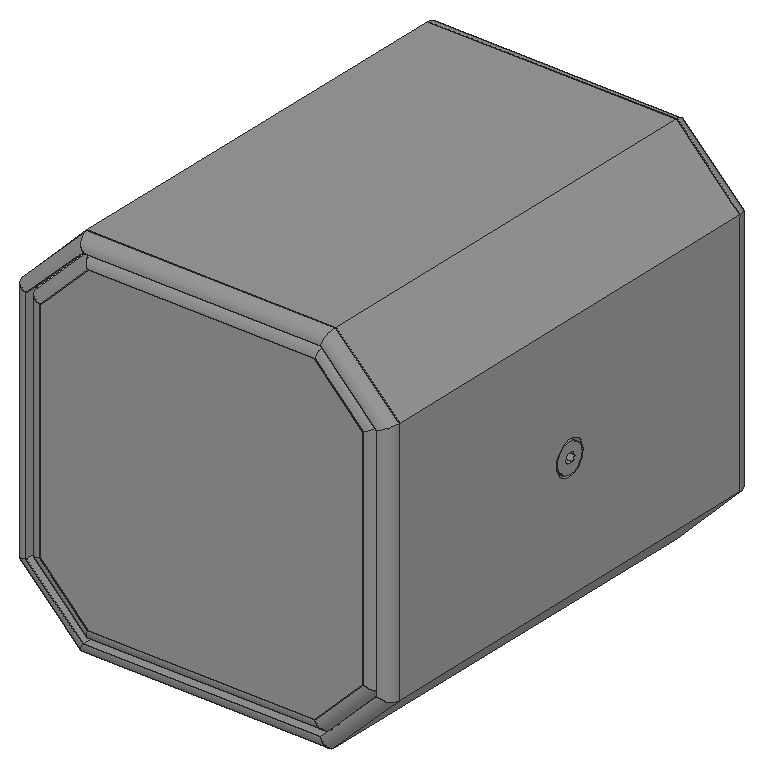
Revit family "1 SOUND_Cannon Series Freestanding", category Communication Devices, Revit 2020
Family settings
  Maintain Annotation Orientation = No
  Round Connector Dimension = Use Diameter
  Part Type = Normal
  Work Plane-Based = Yes
  Always vertical = No
  Cut with Voids When Loaded = No
  Shared = No
  Room Calculation Point = No
Parameters (values of type "C4i")
  Weight = "5.1 lb / 2.3 kg"
  URL = "https://www.1-sound.com/cannon-coaxials"
  Speaker Model = 1 SOUND_Cannon_C4i : C4i
  Speaker Mesh Finish [instance] = 1 Sound - Speaker Mesh_Fabric_Black
  Speaker Box Finish [instance] = 1 Sound - Speaker Box_Black
  Rigging = "(4) M6 points"  # constant formula
  Power = "200 watts (continuous), 100 watts (AES)"
  Model = "C4i"
  Manufacturer = "1 SOUND"  # constant formula
  Impedance = "8Ω"
  Dimensions (HxWxD) = "5.9” (150 mm) x 5.9” (150 mm) x 7” (180 mm)"
  Default Elevation = 2438.4 mm  # constant formula
  Construction = "Finland birch plywood (phenolic glue), polyurea, clear matte salt and UV resistant coating, 316 stainless steel hardware, 3D spacer mesh fabric"  # constant formula
  Connectors = "(1) screw terminal block with input +/- and loop +/-"
  Category = "Speaker"  # constant formula
  Bandwidth = "100 Hz - 18 kHz (-6 dB)"
Types (5, lengths in mm): name | Weight | Speaker Model | Power | Model | Impedance | Dimensions (HxWxD) | Connectors | Bandwidth
  C4i | "5.1 lb / 2.3 kg" | 1 SOUND_Cannon_C4i : C4i | "200 watts (continuous), 100 watts (AES)" | "C4i" | "8Ω" | "5.9” (150 mm) x 5.9” (150 mm) x 7” (180 mm)" | "(1) screw terminal block with input +/- and loop +/-" | "100 Hz - 18 kHz (-6 dB)"
  C5i | "9.4 lb / 4.3 kg" | 1 SOUND_Cannon_C5 : C5i | "240 watts (continuous), 120 watts (AES)" | "C5i" | "16Ω" | "7.5” (190 mm) x 7.5” (190 mm) x 8.2” (208 mm)" | "(1) screw terminal block with input +/- and loop +/-" | "65 Hz - 18 kHz (-6 dB)"
  C5 | "9.4 lb / 4.3 kg" | 1 SOUND_Cannon_C5 : C5 | "240 watts (continuous), 120 watts (AES)" | "C5" | "16Ω" | "7.5” (190 mm) x 7.5” (190 mm) x 8.2” (208 mm)" | "(2) NL4, 2-circuit switch" | "65 Hz - 18 kHz (-6 dB)"
  C6i | "10.6 lb / 4.8 kg" | 1 SOUND_Cannon_C6 : C6i | "240 watts (continuous), 120 watts (AES)" | "C6i" | "16Ω" | "8.5” (216 mm) x 8.5” (216 mm) x 8.2” (208 mm)" | "(1) screw terminal block with input +/- and loop +/-" | "60 Hz - 18 kHz (-6 dB)"
  C6 | "10.6 lb / 4.8 kg" | 1 SOUND_Cannon_C6 : C6 | "240 watts (continuous), 120 watts (AES)" | "C6" | "16Ω" | "8.5” (216 mm) x 8.5” (216 mm) x 8.2” (208 mm)" | "(2) NL4, 2-circuit switch" | "60 Hz - 18 kHz (-6 dB)"
Reference planes
  plane 1 "Center (Front/Back)": y = 0
  plane 2: z = 0
  plane 3 "Center (Left/Right)": x = -8.925
Dimensions and locks
  aligned and locked: plane 2 to level
  aligned and locked: nested 1 to plane 1 "Center (Front/Back)"
Nested families
  nested 1: "1 SOUND_Cannon_C4i" at (0, -90, 0), type <- "Speaker Model", Speaker Box Finish <- "Speaker Box Finish", Speaker Mesh Finish <- "Speaker Mesh Finish", type "C4i"
    with Speaker Mesh Finish 1 Sound - Speaker Mesh_Fabric_Black, Speaker Box Finish 1 Sound - Speaker Box_Black, Origin Plane 75 mm, Origin Is Centered no
  nested 2: "1 SOUND_Cannon_C-Clamp Screw" at (66.075, 8.925, 75) x (0, 1, 0) z (0, 0, 1), type "C-Clamp Screw"
  nested 3: "1 SOUND_Cannon_C-Clamp Screw" at (-83.925, 8.925, 75) x (0, 1, 0) z (0, 0, 1), type "C-Clamp Screw"
Definition of nested family "1 SOUND_Cannon_C4i"
  Parameters (values of type "Cannon C4i")
    Width - Rear Grille = 120 mm
    Width - Overall = 150 mm
    Weight = "5.1 lb / 2.3 kg"
    URL = "https://www.1-sound.com/cannon-coaxials"
    Speaker Mesh Finish [instance] = none
    Speaker Box Finish [instance] = none
    Rigging = "(4) M6 points"  # constant formula
    Power = "200 watts (continuous), 100 watts (AES)"
    Origin Plane [instance] = if(Origin Is Centered, 0 mm, (Height Overall / 2))  # 75 mm
    Origin Is Centered [instance] = no
    Model = "C4i"
    Manufacturer = "1 Sound"  # constant formula
    Impedance = "8Ω"
    Height Overall = 150 mm
    Dimensions (HxWxD) = "5.9” (150 mm) x 5.9” (150 mm) x 7” (180 mm)"
    Depth - Overall = 180 mm
    Default Elevation = 1219.2 mm
    Construction = "Finland birch plywood (phenolic glue), polyurea, clear matte salt and UV resistant coating, 316 stainless steel hardware, 3D spacer mesh fabric"  # constant formula
    Connectors = "(1) screw terminal block with input +/- and loop +/-"
    Bandwidth = "100 Hz - 18 kHz (-6 dB)"
  Reference planes
    plane 1 "Center (Front/Back)": y = 0
    plane 2: z = 0
    plane 3 "Center (Left/Right)": x = -8.925
    plane 4 "Speaker Depth": y = 180
    plane 5: z = 150
    plane 6: x = 66.075
    plane 7: x = -83.925
    plane 8: z = 75
    plane 9: y = 90
    plane 10: x = -46.673
    plane 11: through (66.075, 0, 25.428) normal (-0.7071, 0, 0.7071)
    plane 12: through (-83.925, 0, 25.428) normal (-0.7071, 0, -0.7071)
    plane 13: through (66.075, 0, 124.572) normal (0.7071, 0, 0.7071)
    plane 14: through (-83.925, 0, 124.572) normal (0.7071, 0, -0.7071)
    plane 15: z = 0
  Forms (mm)
    Sweep 1, solid, material <- "Speaker Box Finish"
      path origin (0, 0, 107) x (1, 0, 0) y (0, 0, 1)
        loop
          line (-56.426, 38) -> (-78.925, 15.501) -> (-78.925, -79.501) -> (-56.426, -102) -> (38.576, -102) -> (61.075, -79.501) -> (61.075, 15.501) -> (38.576, 38) -> (-56.426, 38)
      profile origin (-8.925, 0, 145) x (0, 0, 1) y (0, -1, 0)
        loop
          arc (5, -5) -> (3.536, -1.464) -> (0, 0) r 5
          line (0, 0) -> (0, -5) -> (5, -5)
    Sweep 2, solid, material <- "Speaker Mesh Finish"
      path origin (761.008, 109, -738.704) x (1, 0, 0) y (0, 0, -1)
        loop
          line (-724.71, -878.204) -> (-705.433, -858.927) -> (-705.433, -768.481) -> (-724.71, -749.204) -> (-815.156, -749.204) -> (-834.433, -768.481) -> (-834.433, -858.927) -> (-815.156, -878.204) -> (-724.71, -878.204)
      profile origin (-8.925, 109, 139.5) x (0, 0, 1) y (0, 1, 0)
        loop
          line (5, -104) -> (0, -104) -> (0, -109)
          arc (0, -109) -> (3.536, -107.536) -> (5, -104) r 5
    Sweep 3, solid, material <- "Speaker Box Finish"
      path origin (0, 180, 107) x (-1, 0, 0) y (0, 0, 1)
        loop
          line (56.426, 38) -> (-38.576, 38) -> (-61.075, 15.501) -> (-61.075, -79.501) -> (-38.576, -102) -> (56.426, -102) -> (78.925, -79.501) -> (78.925, 15.501) -> (56.426, 38)
      profile origin (-8.925, 180, 145) x (0, 0, -1) y (0, 1, 0)
        loop
          line (-5, -5) -> (0, -5) -> (0, 0)
          arc (0, 0) -> (-3.536, -1.464) -> (-5, -5) r 5
    Extrusion 4, solid, material <- "Speaker Box Finish"
      sketch origin (0, 0, -151793) x (1, 0, 0) y (0, 0, 1)
        loop
          line (40.647, 151943) -> (-58.497, 151943) -> (-83.925, 151917.572) -> (-83.925, 151818.428) -> (-58.497, 151793) -> (40.647, 151793) -> (66.075, 151818.428) -> (66.075, 151917.572) -> (40.647, 151943)
      from -175.02 to -5
    Extrusion 5, solid, material <- "Speaker Mesh Finish"
      sketch origin (0, 0, 0) x (1, 0, 0) y (0, 0, 1)
        loop
          line (-73.425, 120.223) -> (-73.425, 29.777) -> (-54.148, 10.5) -> (36.298, 10.5) -> (55.575, 29.777) -> (55.575, 120.223) -> (36.298, 139.5) -> (-54.148, 139.5) -> (-73.425, 120.223)
      from 0 to -5
    Extrusion 6, void
      sketch origin (0, 5, 0) x (1, 0, 0) y (0, 0, 1)
        loop
          line (-78.925, 122.501) -> (-78.925, 27.499) -> (-56.426, 5) -> (38.576, 5) -> (61.075, 27.499) -> (61.075, 122.501) -> (38.576, 145) -> (-56.426, 145) -> (-78.925, 122.501)
      from 0 to -5
    Extrusion 7, solid
      sketch origin (0, 5, 0) x (1, 0, 0) y (0, 0, 1)
        loop
          line (-78.925, 122.501) -> (-78.925, 27.499) -> (-56.426, 5) -> (38.576, 5) -> (61.075, 27.499) -> (61.075, 122.501) -> (38.576, 145) -> (-56.426, 145) -> (-78.925, 122.501)
      from 0 to -5
    Sweep 8, solid, material <- "Speaker Mesh Finish"
      path origin (0, 180, 0) x (-1, 0, 0) y (0, 0, 1)
        loop
          line (46.673, 139.5) -> (-36.298, 139.5) -> (-55.575, 120.223) -> (-55.575, 29.777) -> (-36.298, 10.5) -> (46.673, 10.5) -> (46.673, 139.5)
      profile origin (-5.187, 180, 139.5) x (0, 0, -1) y (0, 1, 0)
        loop
          line (-4.999, -5) -> (0.001, -5) -> (0.001, 0)
          arc (0.001, 0) -> (-3.535, -1.464) -> (-4.999, -5) r 5
    Extrusion 9, solid, material <- "Speaker Mesh Finish"
      sketch origin (0, 180, 0) x (-1, 0, 0) y (0, 0, 1)
        loop
          line (-36.298, 139.499) -> (-55.574, 120.223) -> (-55.574, 29.777) -> (-36.298, 10.501) -> (46.672, 10.501) -> (46.672, 139.499) -> (-36.298, 139.499)
      from -4.98 to 0
    Extrusion 10, void
      sketch origin (0, 180, 0) x (-1, 0, 0) y (0, 0, 1)
        loop
          line (-38.369, 144.499) -> (-60.574, 122.294) -> (-60.574, 27.706) -> (-38.369, 5.501) -> (51.672, 5.501) -> (51.672, 144.499) -> (-38.369, 144.499)
      from -9.96 to -4.98
    Extrusion 11, solid
      sketch origin (0, 180, 0) x (-1, 0, 0) y (0, 0, 1)
        loop
          line (51.672, 144.499) -> (-38.369, 144.499) -> (-60.574, 122.294) -> (-60.574, 27.706) -> (-38.369, 5.501) -> (51.672, 5.501) -> (51.672, 144.499)
      from -9.96 to -4.98
    Extrusion 12, void
      sketch origin (-8.925, 0, 0) x (0, 1, 0) y (0, 0, 1)
        loop
          circle (90, 75) r 6.855
      from -152.596 to 138.234
  Cuts and joins
    Extrusion 6, Extrusion 10, Extrusion 12 cuts Extrusion 4
  Dimensions and locks
    "Depth - Overall": plane 1 "Center (Front/Back)" to plane 4 "Speaker Depth"
    "Height Overall": plane 5 to plane 2
    equal spacing: plane 6, plane 3 "Center (Left/Right)", plane 7
    "Width - Overall": plane 6 to plane 7
    Sweep 1 sketch curve to plane 5 = 5 mm
    Extrusion 4 to Sweep 1 sketch curve = 5 mm  (x4)
    Sweep 1 sketch curve to plane 7 = 5 mm
    Sweep 1 sketch curve to level = 5 mm
    Sweep 1 sketch curve to plane 6 = 5 mm
    Sweep 3 sketch curve to plane 5 = 5 mm
    Extrusion 4 to Sweep 3 sketch curve = 5 mm  (x4)
    equal spacing: plane 6, Sweep 3 sketch curve, Sweep 3 sketch curve
    equal spacing: level, Sweep 3 sketch curve, Sweep 3 sketch curve
    plane 7 to Sweep 3 sketch curve = 5 mm
    Sweep 2 sketch curve to level = 10.5 mm
    Extrusion 4 to Sweep 2 sketch curve = 10.5 mm  (x5)
    Sweep 2 sketch curve to plane 5 = 10.5 mm
    Sweep 2 sketch curve to plane 6 = 10.5 mm
    equal spacing: plane 5, plane 8, level
    equal spacing: plane 1 "Center (Front/Back)", plane 9, plane 4 "Speaker Depth"
    "Origin Plane": plane 15 to plane 8
    aligned and locked: plane 2 to level
    aligned and locked: plane 4 "Speaker Depth" to Sweep 3
    aligned and locked: plane 1 "Center (Front/Back)" to Sweep 2
    aligned and locked: plane 7 to Extrusion 4 sketch curve
    aligned and locked: plane 5 to Extrusion 4 sketch curve
    aligned and locked: plane 6 to Extrusion 4 sketch curve
    aligned and locked: Extrusion 4 sketch curve to level
    aligned and locked: Extrusion 5 sketch curve to Sweep 2  (x8)
    aligned and locked: Sweep 1 to Extrusion 6 sketch curve
    aligned and locked: Extrusion 6 sketch curve to Sweep 1  (x7)
    aligned and locked: Extrusion 5 to Sweep 8 sketch curve
    aligned and locked: Sweep 8 sketch curve to Extrusion 5  (x4)
    aligned and locked: Extrusion 9 sketch curve to Sweep 8  (x6)
    aligned and locked: plane 4 "Speaker Depth" to Extrusion 9
    aligned and locked: Extrusion 10 sketch curve to Sweep 8  (x6)
    aligned and locked: Extrusion 11 sketch curve to cut or joined group of Extrusion 4, Extrusion 6, Extrusion 10, Extrusion 12  (x6)
    aligned and locked: nested 2 to plane 8
    aligned and locked: Extrusion 12 sketch curve to nested 2  (x2)
    aligned and locked: plane 9 to nested 2
    aligned and locked: plane 6 to nested 2
    aligned and locked: nested 3 to plane 9
    aligned and locked: plane 8 to nested 3
    aligned and locked: plane 7 to nested 3
    aligned and locked: nested 1 to plane 8
    aligned and locked: cut or joined group of Extrusion 4, Extrusion 6, Extrusion 10, Extrusion 12 to plane 11
    aligned and locked: cut or joined group of Extrusion 4, Extrusion 6, Extrusion 10, Extrusion 12 to plane 13
    aligned and locked: cut or joined group of Extrusion 4, Extrusion 6, Extrusion 10, Extrusion 12 to plane 14
    aligned and locked: cut or joined group of Extrusion 4, Extrusion 6, Extrusion 10, Extrusion 12 to plane 12
    aligned and locked: plane 10 to Sweep 8 sketch curve
    aligned and locked: Extrusion 7 sketch curve to Sweep 1  (x4)
  Automatic sketch dimensions
    profile plane to Sweep 1 sketch curve = 0 mm
    Sweep 1 sketch curve to plane 1 "Center (Front/Back)" = 0 mm
    Sweep 1 sketch curve to plane 1 "Center (Front/Back)" = 5 mm
    profile plane to Sweep 2 sketch curve = 0 mm
    Sweep 2 sketch curve to Sweep 2 sketch curve = 5 mm
    Sweep 2 sketch curve to profile plane = 109 mm
    Sweep 3 sketch curve to plane 6 = 5 mm
    level to Sweep 3 sketch curve = 5 mm
    Sweep 3 sketch curve to plane 4 "Speaker Depth" = 0 mm
    Sweep 3 sketch curve to profile plane = 0 mm
    Sweep 3 sketch curve to Sweep 3 sketch curve = 5 mm
    Extrusion 4 sketch curve to plane 6 = 25.428 mm  (x2)
    level to Extrusion 4 sketch curve = 25.428 mm  (x2)
    Extrusion 4 sketch curve to plane 5 = 25.428 mm  (x2)
    plane 7 to Extrusion 7 sketch curve = 5 mm
    Extrusion 7 sketch curve to plane 5 = 5 mm
    level to Extrusion 7 sketch curve = 5 mm
    Extrusion 7 sketch curve to plane 6 = 5 mm
    Sweep 8 sketch curve to plane 4 "Speaker Depth" = 0 mm
    profile plane to Sweep 8 sketch curve = 4.999 mm
    Sweep 8 sketch curve to profile plane = 0.001 mm
    Extrusion 4 sketch curve to plane 14 = 0 mm
    Extrusion 4 sketch curve to plane 12 = 0 mm
  Nested families
    nested 1: "1 Sound_Speaker_Cannon_Connections_NL4_Non-Face Based" at (26.685, 176.02, -32), type "1 Sound_Speaker_Cannon_Connections_NL4_Non-Face Based", not visible
      with Connector - NL4 no
    nested 2: "1 SOUND_Cannon_C-Clamp Screw" at (66.075, 98.925, 75) x (0, 1, 0) z (0, 0, 1), type "C-Clamp Screw"
    nested 3: "1 SOUND_Cannon_C-Clamp Screw" at (-83.925, 98.925, 75) x (0, 1, 0) z (0, 0, 1), type "C-Clamp Screw"
    nested 4: "1 Sound_Speaker_Cannon_Connections_Screw Terminal Block_Non-Face Based" at (28.007, 175.52, -54.535), type "1 Sound_Speaker_Cannon_Connections_Screw Terminal Block_Non-Face Based"
      with Connector - Screw Terminal Block yes
  Definition of nested family "1 SOUND_Cannon_C-Clamp Screw"
    Parameters (values of type "1 Sound_Hardware_C-Clamp Screw_Non-Face Based")
      Weight = ""
      Rigging = ""
      Power = ""
      Impedance = ""
      Dimensions (HxWxD) = ""
      Default Elevation = 1219.2 mm
      Construction = ""
      Connectors = ""
      Bandwidth = ""
    Reference planes
      plane 1 "Center (Front/Back)": y = 0
      plane 2: z = 0
      plane 3 "Center (Left/Right)": x = -8.925
    Forms (mm)
      Extrusion 1, solid
        sketch origin (-379.453, 0, -3.595) x (1, 0, 0) y (0, 0, 1)
          loop
            circle (370.528, 3.595) r 5.85
        from 0 to -7
      Extrusion 2, void
        sketch origin (-379.453, 0, -3.595) x (1, 0, 0) y (0, 0, 1)
          loop
            line (371.936, 1.764) -> (372.818, 3.899) -> (371.41, 5.73) -> (369.121, 5.426) -> (368.239, 3.292) -> (369.646, 1.461) -> (371.936, 1.764)
        from 0 to -3
    Cuts and joins
      Extrusion 2 cuts Extrusion 1
    Lines and regions (mm)
      reference lines
        curve 1: line (-8.925, 0, 13.636) -> (-8.925, 0, -16.364)
        curve 2: line (10.534, 0, 0) -> (-29.957, 0, 0)
      model lines
        curve 3: arc (-2.07, 0, 0) -> (-8.925, 0, 6.855) -> (-15.78, 0, 0) r 6.855
        curve 4: arc (-15.78, 0, 0) -> (-8.925, 0, -6.855) -> (-2.07, 0, 0) r 6.855
    Dimensions and locks
      aligned and locked: plane 2 to level
  Definition of nested family "1 Sound_Speaker_Cannon_Connections_Screw Terminal Block_Non-Face Based"
    Parameters (values of type "1 Sound_Speaker_Cannon_Connections_Screw Terminal Block_Non-Face Based")
      Default Elevation = 1219.2 mm
      Connector - Screw Terminal Block [instance] = yes
    Reference planes
      plane 1 "Center (Front/Back)": y = 0
      plane 2: z = 0
      plane 3 "Center (Left/Right)": x = -8.925
    Forms (mm)
      Extrusion 1, solid, visible <- "Connector - Screw Terminal Block"
        sketch origin (-9.277, -1.542, 68.918) x (-1, 0, 0) y (0, 0, 1)
          loop
            circle (79.148, 110.582) r 4.59
        from 1.842 to 1.042
      Extrusion 2, void
        sketch origin (-9.277, 1.246, 68.918) x (-1, 0, 0) y (0, 0, 1)
          loop
            line (77.898, 111.303) -> (77.898, 109.86) -> (79.148, 109.138) -> (80.398, 109.86) -> (80.398, 111.303) -> (79.148, 112.025) -> (77.898, 111.303)
        from -1.246 to -0.429
      Extrusion 3, solid, visible <- "Connector - Screw Terminal Block"
        sketch origin (-12.95, -1.542, 39.01) x (-1, 0, 0) y (0, 0, 1)
          loop
            circle (79.148, 110.582) r 4.59
        from 1.842 to 1.042
      Extrusion 4, void
        sketch origin (-12.95, 1.246, 39.01) x (-1, 0, 0) y (0, 0, 1)
          loop
            line (77.898, 111.303) -> (77.898, 109.86) -> (79.148, 109.138) -> (80.398, 109.86) -> (80.398, 111.303) -> (79.148, 112.025) -> (77.898, 111.303)
        from -1.246 to -0.429
      Extrusion 5, solid, visible <- "Connector - Screw Terminal Block"
        sketch origin (-9.167, -1.542, -31.013) x (-1, 0, 0) y (0, 0, 1)
          loop
            circle (79.148, 110.582) r 4.59
        from 1.842 to 1.042
      Extrusion 6, void
        sketch origin (-9.167, 1.246, -31.013) x (-1, 0, 0) y (0, 0, 1)
          loop
            line (77.898, 111.303) -> (77.898, 109.86) -> (79.148, 109.138) -> (80.398, 109.86) -> (80.398, 111.303) -> (79.148, 112.025) -> (77.898, 111.303)
        from -1.246 to -0.429
      Extrusion 7, solid, visible <- "Connector - Screw Terminal Block"
        sketch origin (-6.51, -1.542, -14.236) x (-1, 0, 0) y (0, 0, 1)
          loop
            line (81.822, 146.615) -> (81.822, 110.815) -> (95.022, 110.815) -> (95.022, 146.615) -> (81.822, 146.615)
        from 2.5 to 1.042
      Extrusion 8, solid, visible <- "Connector - Screw Terminal Block"
        sketch origin (-6.51, -1.542, -14.236) x (-1, 0, 0) y (0, 0, 1)
          loop
            line (82.922, 103.915) -> (93.922, 103.915)
            arc (93.922, 103.915) -> (94.276, 104.062) -> (94.422, 104.415) r 0.5
            line (94.422, 104.415) -> (94.422, 153.015)
            arc (94.422, 153.015) -> (94.276, 153.369) -> (93.922, 153.515) r 0.5
            line (93.922, 153.515) -> (82.922, 153.515)
            arc (82.922, 153.515) -> (82.569, 153.369) -> (82.422, 153.015) r 0.5
            line (82.422, 153.015) -> (82.422, 104.415)
            arc (82.422, 104.415) -> (82.569, 104.062) -> (82.922, 103.915) r 0.5
        from 1.842 to 1.042
      Extrusion 9, void
        sketch origin (-16.642, 2.046, -22.415) x (-1, 0, 0) y (0, 0, 1)
          loop
            line (79.57, 117.008) -> (78.29, 117.747) -> (77.01, 117.008) -> (77.01, 115.53) -> (78.29, 114.791) -> (79.57, 115.53) -> (79.57, 117.008)
        from -1.246 to -0.429
      Extrusion 10, solid, visible <- "Connector - Screw Terminal Block"
        sketch origin (-17.3, -0.742, -21.322) x (-1, 0, 0) y (0, 0, 1)
          loop
            circle (77.632, 115.176) r 2.6
        from 1.842 to 1.042
      Extrusion 11, void
        sketch origin (-16.642, 2.046, 251.373) x (-1, 0, 0) y (0, 0, 1)
          loop
            line (79.57, -117.008) -> (79.57, -115.53) -> (78.29, -114.791) -> (77.01, -115.53) -> (77.01, -117.008) -> (78.29, -117.747) -> (79.57, -117.008)
        from -1.246 to -0.429
      Extrusion 12, solid, visible <- "Connector - Screw Terminal Block"
        sketch origin (-17.3, -0.742, 250.28) x (-1, 0, 0) y (0, 0, 1)
          loop
            circle (77.632, -115.176) r 2.6
        from 1.842 to 1.042
    Cuts and joins
      Extrusion 2, Extrusion 4 cuts Extrusion 1
      Extrusion 4, Extrusion 6 cuts Extrusion 3
      Extrusion 6 cuts Extrusion 5
      Extrusion 9, Extrusion 11 cuts Extrusion 10
      Extrusion 11 cuts Extrusion 12
    Lines and regions (mm)
      reference lines
        curve 1: line (-88.61, 208, 231.433) -> (-88.61, 208, -23.567)
        curve 2: line (-35.611, 208, 129.535) -> (-165.611, 208, 129.535)
    Dimensions and locks
      aligned and locked: plane 2 to level
Definition of nested family "1 SOUND_Cannon_C-Clamp Screw"
  Parameters (values of type "1 Sound_Hardware_C-Clamp Screw_Non-Face Based")
    Weight = ""
    Rigging = ""
    Power = ""
    Impedance = ""
    Dimensions (HxWxD) = ""
    Default Elevation = 1219.2 mm
    Construction = ""
    Connectors = ""
    Bandwidth = ""
  Reference planes
    plane 1 "Center (Front/Back)": y = 0
    plane 2: z = 0
    plane 3 "Center (Left/Right)": x = -8.925
  Forms (mm)
    Extrusion 1, solid
      sketch origin (-379.453, 0, -3.595) x (1, 0, 0) y (0, 0, 1)
        loop
          circle (370.528, 3.595) r 5.85
      from 0 to -7
    Extrusion 2, void
      sketch origin (-379.453, 0, -3.595) x (1, 0, 0) y (0, 0, 1)
        loop
          line (371.936, 1.764) -> (372.818, 3.899) -> (371.41, 5.73) -> (369.121, 5.426) -> (368.239, 3.292) -> (369.646, 1.461) -> (371.936, 1.764)
      from 0 to -3
  Cuts and joins
    Extrusion 2 cuts Extrusion 1
  Lines and regions (mm)
    reference lines
      curve 1: line (-8.925, 0, 13.636) -> (-8.925, 0, -16.364)
      curve 2: line (10.534, 0, 0) -> (-29.957, 0, 0)
    model lines
      curve 3: arc (-2.07, 0, 0) -> (-8.925, 0, 6.855) -> (-15.78, 0, 0) r 6.855
      curve 4: arc (-15.78, 0, 0) -> (-8.925, 0, -6.855) -> (-2.07, 0, 0) r 6.855
  Dimensions and locks
    aligned and locked: plane 2 to level
